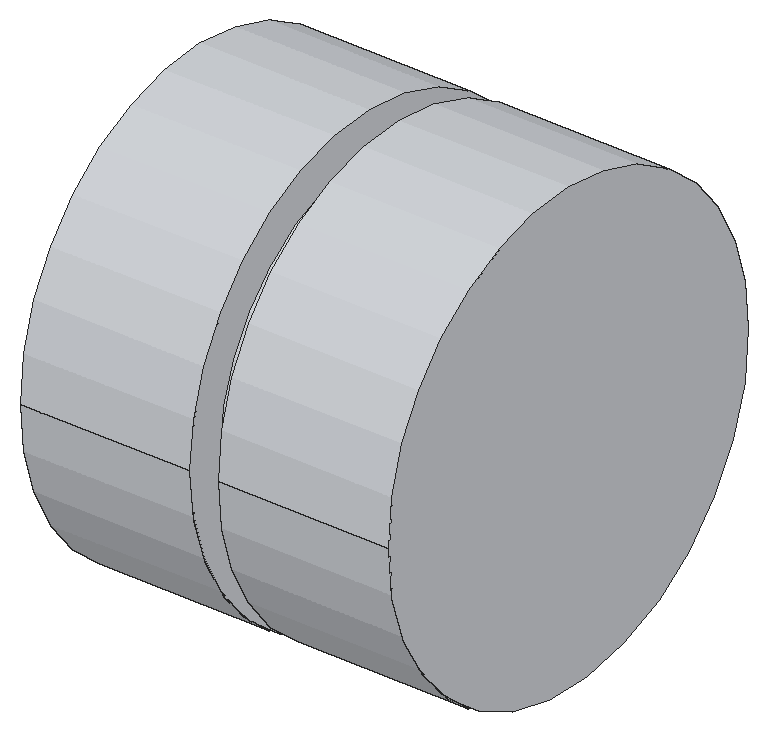
Revit family "c0c8141c49c840baa1d014fbaa9cf797", category Pipe Fittings, Revit 2021
Family settings
  Round Connector Dimension = Use Radius
  Part Type = Union
  OmniClass Number = 23.60.30.11.14
  OmniClass Title = Pipework Fittings
  Seek Item ID = Coupling - PVC - Sch 40 - DWV-0000-USA-ENU
  Work Plane-Based = No
  Always vertical = Yes
  Cut with Voids When Loaded = No
  Shared = No
Parameters (values of type "Standard")
  Wall Thickness [instance] = size_lookup(Lookup Table Name, "WThk", 0.02 * Nominal Diameter + 33/256", Nominal Diameter)  # 0.156"
  Tick Size [instance] = Fitting Outside Diameter * 0.4  # 0.664"
  Socket Outside Radius [instance] = Socket Outside Diameter / 2  # 0.9935"
  Socket Outside Diameter [instance] = Socket Entrance Diameter + Wall Thickness * 2  # 1.987"
  Socket Entrance Diameter [instance] = size_lookup(Lookup Table Name, "SED", 1.04 * Nominal Diameter + 95/256", Nominal Diameter)  # 1.675"
  Nominal Radius [instance] = 5/8"
  Nominal Diameter [instance] = Nominal Radius * 2  # 1 1/4"
  Loss Method = Not Defined
  Lookup Table Name = "Coupling - PVC - Sch 40 - DWV"
  Length [instance] = size_lookup(Lookup Table Name, "Lgt", 1.07 * Nominal Diameter - 79/256", Nominal Diameter)  # 1 5/8"
  Fitting Outside Radius [instance] = Fitting Outside Diameter / 2  # 0.83"
  Fitting Outside Diameter [instance] = size_lookup(Lookup Table Name, "FOD", 1.04 * Nominal Diameter + 23/64", Nominal Diameter)  # 1.66"
  Fitting Length [instance] = size_lookup(Lookup Table Name, "FLgt", 0.02 * Nominal Diameter + 7/64", Nominal Diameter)  # 1/8"
  Default Elevation = 0' - 0"
Reference planes (in)
  plane 1 "Center (Front/Back)": y = 0
  plane 2: z = 0
  plane 3 "Center (Left/Right)": x = 0
  plane 4: x = -0.0625
  plane 5: x = 0.0625
  plane 6: x = -0.8125
  plane 7: x = 0.8125
Forms (in)
  Sweep 1, solid, detail levels fine
    path in 3D
      loop
        line (-0.0625, 0, 0) -> (0.0625, 0, 0)
    profile origin (0, 0, 0) x (0, 1, 0) y (0, 0, 1)
      loop
        circle (0, 0) r 0.83
  Sweep 2, solid, detail levels fine
    path in 3D
      loop
        line (-0.8125, 0, 0) -> (-0.0625, 0, 0)
    profile origin (-0.4375, 0, 0) x (0, 1, 0) y (0, 0, 1)
      loop
        circle (0, 0) r 0.9935
  Sweep 3, solid, detail levels fine
    path in 3D
      loop
        line (0.0625, 0, 0) -> (0.8125, 0, 0)
    profile origin (0.4375, 0, 0) x (0, 1, 0) y (0, 0, 1)
      loop
        circle (0, 0) r 0.9935
Cuts and joins
  joined: Sweep 1, Sweep 2, Sweep 3
Lines and regions (in)
  model lines, detail levels coarse+medium
    curve 1: line (-0.0625, 0, 0) -> (0.0625, 0, 0)
    curve 3: line (-0.8125, 0, 0) -> (-0.0625, 0, 0)
    curve 5: line (0.0625, 0, 0) -> (0.8125, 0, 0)
    curve 7: line (-0.8125, 0.664, 0) -> (-0.8125, 0, 0)
    curve 8: line (-0.8125, -0.664, 0) -> (-0.8125, 0, 0)
    curve 9: line (0.8125, 0.664, 0) -> (0.8125, 0, 0)
    curve 10: line (0.8125, -0.664, 0) -> (0.8125, 0, 0)
  sketch lines
    curve 2: line (-0.0625, 0, 0) -> (0.0625, 0, 0)
    curve 4: line (-0.8125, 0, 0) -> (-0.0625, 0, 0)
    curve 6: line (0.0625, 0, 0) -> (0.8125, 0, 0)
Dimensions and locks (in)
  equal spacing: plane 4, plane 3 "Center (Left/Right)", plane 5
  "Fitting Length": plane 4 to plane 5
  equal spacing: plane 6, plane 3 "Center (Left/Right)", plane 7
  "Length": plane 6 to plane 7
  "Tick Size": curve 7 to curve 7
  "Tick Size": curve 8 to curve 8
  "Tick Size": curve 9 to curve 9
  "Tick Size": curve 10 to curve 10
  "Fitting Outside Radius": radius of Sweep 1 sketch curve
  "Socket Outside Radius": radius of Sweep 2 sketch curve
  "Socket Outside Radius": radius of Sweep 3 sketch curve
  aligned and locked: plane 4 to curve 1
  aligned and locked: plane 5 to curve 1
  aligned and locked: plane 1 "Center (Front/Back)" to curve 1
  aligned and locked: plane 6 to curve 3
  aligned and locked: plane 1 "Center (Front/Back)" to curve 3
  aligned and locked: plane 7 to curve 5
  aligned and locked: plane 1 "Center (Front/Back)" to curve 5
  aligned and locked: curve 7 to plane 6
  aligned and locked: plane 6 to curve 8
  aligned and locked: plane 1 "Center (Front/Back)" to curve 9
  aligned and locked: plane 7 to curve 9
  aligned and locked: curve 10 to plane 7
Automatic sketch dimensions
  Sweep 1 sketch curve to profile plane = 0' - 0"  (x2)
  Sweep 2 sketch curve to profile plane = 0' - 0"  (x2)
  Sweep 3 sketch curve to profile plane = 0' - 0"  (x2)
Connectors (in)
  piping at (-0.8125, 0, 0), diameter 1.25, driven by "Nominal Radius"
    settings: on Sweep 2, index 1, connector inside diameter 1 1/4", connector length 0' - 0", flow factor 0, pipe flow 0 GPM, pressure drop 0.00 psi, fitting loss kfactor 0, connector angle 0.00°, fixture units 0, engagement length 0' - 0", angle of deflection 0.00°, flow configuration 0, flow direction 0, fitting loss method 0, system type 28, joint type 0, gender type 0, connector reference index 2, connector utility 0, adjustable connector no, is connector primary yes, connector description ""
  piping at (0.8125, 0, 0), diameter 1.25, driven by "Nominal Radius"
    settings: on Sweep 3, index 2, connector inside diameter 1 1/4", connector length 0' - 0", flow factor 0, pipe flow 0 GPM, pressure drop 0.00 psi, fitting loss kfactor 0, connector angle 0.00°, fixture units 0, engagement length 0' - 0", angle of deflection 0.00°, flow configuration 0, flow direction 0, fitting loss method 0, system type 28, joint type 0, gender type 0, connector reference index 1, connector utility 0, adjustable connector no, is connector primary no, connector description ""
